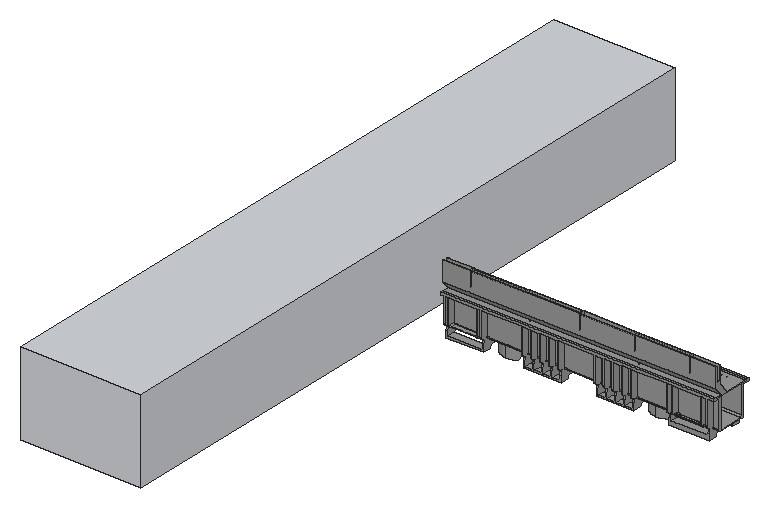
Revit family "PLASTIC CHANNEL BASE DN100 Slot Drain", category Оборудование, Revit 2019
Family settings
  Основа = Грань
  Размер круглого соединителя = Использовать диаметр
  Тип детали = Нормальный
  При загрузке вырезать с полостями = Нет
  Общий = Да
  Точка расчета площади = Нет
Parameters (values of type "Тип 1")
  Adapter [instance] = no
  Slot Drain [instance] = L-type H100 A15-C250 : 2017-1L-100 Galvanized Steel
  Height a Slot Drain (only for 2097-1T-60-100) [instance] = 10 mm
  no = No : No
  Trim size [instance] = 0 mm
  lattice1 [instance] = if(Slot Drain = A10, G10, if(Slot Drain = A11, G11, no))  # No : No
  lattice [instance] = if(Slot Drain = A01, G01, if(Slot Drain = A02, G02, if(Slot Drain = A03, G03, if(Slot Drain = A04, G04, if(Slot Drain = A05, G05, if(Slot Drain = A06, G06, if(Slot Drain = A07, G07, if(Slot Drain = A08, G08, if(Slot Drain = A09, G09, no)))))))))  # Slot Drain L-type H100 Base DN100 Channel A15-C250 : 2017-1L-100
  bias = yes
  Zr [instance] = and(kp = 0 mm, km = 0 mm, Cap right)  # no
  ZNl [instance] = and(np = 0 mm, nm = 0 mm, Cap left, or(Slot Drain = A01, Slot Drain = A02, Slot Drain = A03, Slot Drain = A04, Slot Drain = A05, Slot Drain = A06))  # no
  Zl [instance] = and(np = 0 mm, nm = 0 mm, Cap left)  # no
  ZNr [instance] = and(kp = 0 mm, km = 0 mm, Cap right, or(Slot Drain = A01, Slot Drain = A02, Slot Drain = A03, Slot Drain = A04, Slot Drain = A05, Slot Drain = A06))  # no
  VP [instance] = and(Adapter, not(Cap right), CN = 8020, kp = 0 mm, km = 0 mm)  # no
  R2 = 5 mm
  R1 = 5 mm
  H2 = ADSK_Dimension_Height - 40 mm  # 110 mm
  H1 = if(bias, ADSK_Dimension_Height - 50 mm, ADSK_Dimension_Height - 40 mm)  # 100 mm
  Tray sinking [instance] = if(or(Slot Drain = A01, Slot Drain = A02, Slot Drain = A03, Slot Drain = A04, Slot Drain = A11), 100 mm, if(or(Slot Drain = A05, Slot Drain = A06, Slot Drain = A07, Slot Drain = A08, Slot Drain = A10), 25 mm, if([Height a Slot Drain (only for 2097-1T-60-100)] < 60 mm, 60 mm, if([Height a Slot Drain (only for 2097-1T-60-100)] > 100 mm, 100 mm, [Height a Slot Drain (only for 2097-1T-60-100)]))))  # 100 mm
  G11 = Slot drain L-type H100 for channel Base DN100 plastic A15 : 2087-L-100
  G10 = Slot drain L-type H25 for channel Base DN100 plastic A15 : 2087-L-25
  G09 = Slot Drain T-type H60-100 for Base DN100 Channel A15-C250 : 2097-1T-60-100
  G08 = Slot Drain T-type H25 for Base DN100 Channel A15 : 2097-1T-25-40
  G07 = Slot Drain T-type H25 for Base DN100 Channel A15 : 2017-1T-25-40
  G06 = Slot Drain T-type H25 Base DN100 Channel A15 : 2097-1T-25
  G05 = Slot Drain T-type H25 Base DN100 Channel A15 : 2017-1T-25
  G04 = Slot Drain T-type H100 Base DN100 Channel A15-C250 : 2097-1T-100
  G03 = Slot Drain T-type H100 Base DN100 Channel A15-C250 : 2017-1T-100
  G02 = Slot Drain L-type H100 Base DN100 Channel A15-C250 : 2097-1L-100
  G01 = Slot Drain L-type H100 Base DN100 Channel A15-C250 : 2017-1L-100
  Connector = Plastic end cap with outlet Base DN100 : 6308-1
  Co805050 = Plastic end cap with outlet Base DN100 : 6300608-50
  Co8050 = Plastic end cap with outlet Base DN100 : 6300608
  Co4 = Plastic end cap with outlet Base DN100 : 6308-4
  Co3 = Plastic end cap with outlet Base DN100 : 6308-3
  Co2 = Plastic end cap with outlet Base DN100 : 6308-2
  Co1 = Plastic end cap with outlet Base DN100 : 6308-1
  Cap_begin = if(or(CN = 80080, CN = 8050), Cap8050, if(CN = 8020, Cap8020, if(CN = 8010, Cap8010, if(or(CN = 80090, CN = 80100), Cap1, if(or(CN = 80170, CN = 80180, CN = 80190, CN = 80200), Cap3, Cap2)))))  # Plastic end cap Base DN100 : 630060
  Cap right [instance] = no
  Cap left [instance] = no
  Cap_end = if(CN = 8050, Cap8050, if(CN = 8020, Cap8020, if(CN = 8010, Cap8010, if(or(CN = 80080, CN = 80090), Cap1, if(or(CN = 80160, CN = 80170, CN = 80180, CN = 80190, CN = 80200), Cap3, Cap2)))))  # Plastic end cap Base DN100 : 630-1
  np2 [instance] = 0 mm  # constant formula
  nm2 [instance] = 0 mm  # constant formula
  kp2 [instance] = if(kp > 500 mm, kp - 500 mm, 0 mm)  # 0 mm
  km2 [instance] = if(km > 500 mm, km - 500 mm, 0 mm)  # 0 mm
  V2G [instance] = Trim size < 499 mm  # yes
  Группа модели = "Linear drainage"  # constant formula
  L_line [instance] = 768 mm
  CutUp [instance] = ADSK_Dimension_Height + Tray sinking  # 250 mm
  CutDown [instance] = -CutUp  # -250 mm
  Default Elevation = 0 mm
  np [instance] = if([01. Trim angle] > 0.00°, if([01. Trim angle] < MaxAngle, tan([01. Trim angle]) * ADSK_Dimension_Width, ADSK_Dimension_Width), 0 mm)  # 0 mm
  nm [instance] = if([01. Trim angle] < 0.00°, if([01. Trim angle] > -MaxAngle, -tan([01. Trim angle]) * ADSK_Dimension_Width, ADSK_Dimension_Width), 0 mm)  # 0 mm
  kp [instance] = if(and([02. Trim angle] > 0.00°, Trim size > 694 mm), 0 mm, if([02. Trim angle] > 0.00°, if([02. Trim angle] < MaxAngle, (tan([02. Trim angle]) * ADSK_Dimension_Width), ADSK_Dimension_Width), 0 mm)) + L_trim  # 0 mm
  km [instance] = if([02. Trim angle] < -MaxAngle, ADSK_Dimension_Width, if(or([02. Trim angle] < 0.00°, [02. Trim angle] < -MaxAngle), (-tan([02. Trim angle]) * ADSK_Dimension_Width), 0 mm)) + L_trim  # 0 mm
  W2 = 156 mm  # constant formula
  W1 = 160 mm  # constant formula
  MaxAngle [instance] = 45.00°  # constant formula
  L_trim [instance] = if(ADSK_Dimension_Lenght - ((np + nm) + if([02. Trim angle] > 0.00°, (tan([02. Trim angle]) * ADSK_Dimension_Width), (-tan([02. Trim angle]) * ADSK_Dimension_Width)) + Trim size) > 50 mm, Trim size, ADSK_Dimension_Lenght - ((np + nm) + if([02. Trim angle] > 0.00°, tan([02. Trim angle]) * ADSK_Dimension_Width, (-tan([02. Trim angle]) * ADSK_Dimension_Width)) + 50 mm))  # 0 mm
  CapS_end [instance] = if(Slot Drain = A01, CapS01, if(Slot Drain = A02, CapS05, if(Slot Drain = A03, CapS04, if(Slot Drain = A04, CapS08, if(Slot Drain = A05, CapS03, if(Slot Drain = A06, CapS07, no))))))  # Endcap for Slot Drain Base DN100 : 6167-1L-100-L
  CapS_begin [instance] = if(Slot Drain = A01, CapS02, if(Slot Drain = A02, CapS06, if(Slot Drain = A03, CapS04, if(Slot Drain = A04, CapS08, if(Slot Drain = A05, CapS03, if(Slot Drain = A06, CapS07, no))))))  # Endcap for Slot Drain Base DN100 : 6167-1L-100-R
  CapS08 = Endcap for Slot Drain Base DN100 : 6967-1T-100
  CapS07 = Endcap for Slot Drain Base DN100 : 6967-1T-25
  CapS06 = Endcap for Slot Drain Base DN100 : 6967-1L-100-R
  CapS05 = Endcap for Slot Drain Base DN100 : 6967-1L-100-L
  CapS04 = Endcap for Slot Drain Base DN100 : 6167-1T-100
  CapS03 = Endcap for Slot Drain Base DN100 : 6167-1T-25
  CapS02 = Endcap for Slot Drain Base DN100 : 6167-1L-100-R
  CapS01 = Endcap for Slot Drain Base DN100 : 6167-1L-100-L
  Cap8010 = Plastic end cap Base DN100 : 630080
  Cap3 = Plastic end cap Base DN100 : 630-3
  CN = 80080
  Cap8050 = Plastic end cap Base DN100 : 630060
  Cap8020 = Plastic end cap Base DN100 : 630120
  Cap2 = Plastic end cap Base DN100 : 630-2
  Cap1 = Plastic end cap Base DN100 : 630-1
  ADSK_Weight = 0
  ADSK_Unit = "pcs"  # constant formula
  ADSK_Sealant = 0
  ADSK_Product code = ""
  ADSK_Position [instance] = ""
  ADSK_Name = ""
  ADSK_Material_Name = "Plastic"  # constant formula
  ADSK_Manufacturer = "Vodaland"  # constant formula
  ADSK_Load class = "C250"  # constant formula
  ADSK_Dimension_Width = 160 mm  # constant formula
  ADSK_Dimension_Lenght = 1000 mm
  ADSK_Dimension_Height = 150 mm
  ADSK_Dimension_Diameter = 110 mm
  ADSK_Annotation [instance] = ""
  A11 = L-type H100 A15 : 2087-L-100 Plastic
  A10 = L-type H25 A15 : 2087-L-25 Plastic
  A09 = T-type H60-100 A15-C250 : 2097-1T-60-100 Stainless steel
  A08 = T-type H25 shifted A15 : 2097-1T-25-40 Stainless steel
  A07 = T-type H25 shifted A15 : 2017-1T-25-40 Galvanized Steel
  A06 = T-type H25 A15 : 2097-1T-25 Stainless steel
  A05 = T-type H25 A15 : 2017-1T-25 Galvanized Steel
  A04 = T-type H100 A15-C250 : 2097-1T-100 Stainless steel
  A03 = T-type H100 A15-C250 : 2017-1T-100 Galvanized Steel
  A02 = L-type H100 A15-C250 : 2097-1L-100 Stainless steel
  A01 = L-type H100 A15-C250 : 2017-1L-100 Galvanized Steel
  02. Trim angle [instance] = 0.00°
  01. Trim angle [instance] = 0.00°
Reference planes
  plane 1 "По центру (Вперед/Назад)": y = 0
  plane 2: z = 0
  plane 3 "По центру (Влево/Вправо)": x = 0
  plane 4: x = 1000
  plane 5: x = 750
  plane 6: x = 250
  plane 7: y = 80
  plane 8: y = -80
  plane 9: x = 500
  plane 10: z = -100
  plane 11 "Down": z = -250
Forms (mm)
  Extrusion 1, solid
    sketch origin (0, 0, 0) x (1, 0, 0) y (0, 1, 0)
      loop
        line (-625.035, 1219.2) -> (-625.035, -1219.2) -> (-183.532, -1219.2) -> (-183.532, 1219.2) -> (-625.035, 1219.2)
    from 0 to -304.8
  Extrusion 2, void
    sketch origin (0, 0, 0) x (1, 0, 0) y (0, 1, 0)
      loop
        line (0, 80) -> (0, -80) -> (1000, -80) -> (1000, 80) -> (0, 80)
    from 0 to -250 <- "CutDown"
Lines and regions (mm)
  reference lines
    curve 1: line (768, 0, 0) -> (768, 0, -250)
Dimensions and locks
  equal spacing: plane 7, plane 1 "По центру (Вперед/Назад)", plane 8
  "ADSK_Dimension_Width": plane 7 to plane 8
  "ADSK_Dimension_Lenght": plane 3 "По центру (Влево/Вправо)" to plane 4
  equal spacing: plane 3 "По центру (Влево/Вправо)", plane 9, plane 4
  equal spacing: plane 9, plane 5, plane 4
  equal spacing: plane 3 "По центру (Влево/Вправо)", plane 6, plane 9
  "km": Extrusion 2 sketch curve to plane 4
  "np": plane 3 "По центру (Влево/Вправо)" to Extrusion 2 sketch curve
  "nm": plane 3 "По центру (Влево/Вправо)" to Extrusion 2 sketch curve
  "kp": Extrusion 2 sketch curve to plane 4
  "Tray sinking": plane 2 to plane 10
  "CutUp": plane 2 to plane 11 "Down"
  "L_line": curve 1 to plane 3 "По центру (Влево/Вправо)"
  aligned and locked: plane 2 to Extrusion 1
  aligned and locked: level to Extrusion 1
  aligned and locked: Extrusion 2 sketch curve to plane 7
  aligned and locked: plane 8 to Extrusion 2 sketch curve
  aligned and locked: plane 10 to nested 3
  aligned and locked: plane 10 to nested 5
  aligned and locked: plane 4 to nested 5
  aligned and locked: plane 3 "По центру (Влево/Вправо)" to nested 3
  aligned and locked: plane 2 to curve 1
  aligned and locked: plane 11 "Down" to curve 1
  aligned and locked: plane 1 "По центру (Вперед/Назад)" to nested 6
  aligned and locked: plane 4 to nested 6
  aligned and locked: plane 10 to nested 2
  aligned and locked: plane 10 to nested 6
  aligned and locked: plane 9 to nested 7
  aligned and locked: plane 1 "По центру (Вперед/Назад)" to nested 7
  aligned and locked: plane 1 "По центру (Вперед/Назад)" to nested 9
  aligned and locked: nested 10 to plane 1 "По центру (Вперед/Назад)"
Automatic sketch dimensions
  Extrusion 1 sketch curve to Extrusion 1 sketch curve = 441.503 mm
  Extrusion 1 sketch curve to Extrusion 1 sketch curve = 2438.4 mm
Nested families
  nested 1: "No" at (500, 0, 0), kp <- "kp", nm <- "nm", np <- "np", km <- "km", type "No"
    with Видимість решітки праворуч yes, Видимість решітки ліворуч yes, np 0 mm, nm 0 mm, kp 0 mm, km 0 mm, W1 0 mm, H 0 mm
  nested 2: "Plastic channel Base DN100" at (500, 0, -100), km <- "km", kp <- "kp", nm <- "nm", np <- "np", H <- "ADSK_Dimension_Height", H1 <- "H1", H2 <- "H2", R1 <- "R1", R2 <- "R2", type "channel"
    with np 0 mm, nm 0 mm, kp 0 mm, km 0 mm, R2_2 10 mm, R2 5 mm, R1_2 10 mm, R1 5 mm, H2 110 mm, H1 100 mm, H 150 mm
  nested 3: "Plastic end cap Base DN100" at (-2.5, 0, -100), visible <- "Zl", H <- "ADSK_Dimension_Height", type <- "Cap_begin", type "630060"
    with H 150 mm
  nested 4: "Sealant" at (-40, 540, 0), Sealant <- "ADSK_Sealant", type "Sealant"
  nested 5: "Plastic end cap Base DN100" at (997.5, 0, -100), visible <- "Zr", H <- "ADSK_Dimension_Height", type <- "Cap_end", type "630-1"
    with H 150 mm
  nested 6: "Plastic end cap-adapter Base DN100" at (997.5, 0, -100), visible <- "VP", type "6307.4"
    with H 120 mm
  nested 7: "Slot Drain L-type H100 Base DN100 Channel A15-C250" at (500, 0, 0), type <- "lattice", km <- "km", kp <- "kp", nm <- "nm", np <- "np", ADSK_Dimension_Height <- "Tray sinking", type "2017-1L-100"
    with np 0 mm, nm 0 mm, kp 0 mm, km 0 mm, H 105 mm, ADSK_Position "", ADSK_Dimension_Height 100 mm, ADSK_Annotation ""
  nested 8: "No" at (750, 0, 0), type <- "lattice1", km <- "km", kp <- "kp", nm <- "nm2", np <- "np2", visible <- "V2G", ADSK_Розмір_Висота <- "Tray sinking", type "No"
    with Видимість решітки праворуч yes, Видимість решітки ліворуч yes, np 0 mm, nm 0 mm, kp 0 mm, km 0 mm, W1 0 mm, H 0 mm, ADSK_Розмір_Висота 100 mm
  nested 9: "Endcap for Slot Drain Base DN100" at (1000, 0, 0), type <- "CapS_end", visible <- "ZNr", type "6167-1L-100-L"
  nested 10: "Endcap for Slot Drain Base DN100" at (0, 0, 0) x (-1, 0, 0) z (0, 0, 1), type <- "CapS_begin", visible <- "ZNl", type "6167-1L-100-R"
  nested 11: "No" at (250, 0, 0), type <- "lattice1", km <- "km2", kp <- "kp2", nm <- "nm", np <- "np", ADSK_Розмір_Висота <- "Tray sinking", type "No"
    with Видимість решітки праворуч yes, Видимість решітки ліворуч yes, np 0 mm, nm 0 mm, kp 0 mm, km 0 mm, W1 0 mm, H 0 mm, ADSK_Розмір_Висота 100 mm
Definition of nested family "Plastic channel Base DN100"
  Parameters (values of type "Лоток")
    np [instance] = 0 mm
    nm [instance] = 0 mm
    kp [instance] = 0 mm
    km [instance] = 0 mm
    US = no
    S = 156 mm  # constant formula
    Rl = 5 mm  # constant formula
    R2_2 [instance] = R2 + 5 mm  # 30 mm
    R2 [instance] = 25 mm
    R1_2 [instance] = R1 + 5 mm  # 30 mm
    R1 [instance] = 25 mm
    Material2 = none
    Material = none
    L = 1000 mm  # constant formula
    Hпос = 5 mm  # constant formula
    H2 [instance] = 110 mm
    H1 [instance] = 100 mm
    H [instance] = 140 mm
    DN = 100 mm  # constant formula
  Reference planes
    plane 1 "По центру (Вперед/Назад)": y = 0
    plane 2 "Up": z = 0
    plane 3 "По центру (Влево/Вправо)": x = 0
    plane 4 "Л": x = -500
    plane 5 "П": x = 500
    plane 6 "Down": z = -140
    plane 7: y = -78
    plane 8: y = 78
    plane 9: z = -5
    plane 10: y = -50
    plane 11: y = 50
    plane 12: z = -105
    plane 13: z = -115
    plane 14: y = 68
    plane 15: y = -68
    plane 16: x = -420
    plane 17: x = 400
    plane 18: z = -10
  Forms (mm)
    Blend 1, solid, material <- "Material", detail levels medium+fine
      base sketch origin (-500, 0, 0) x (0, 1, 0) y (0, 0, 1)
        loop
          line (78, 0) -> (69, 0) -> (69, -5) -> (1.659, -5) -> (-69, -5) -> (-69, 0) -> (-78, 0) -> (-78, -10) -> (-55, -10) -> (-55, -83)
          arc (-55, -83) -> (-47.678, -100.678) -> (-30, -108) r 25
          line (-30, -108) -> (0, -108) -> (30, -108)
          arc (30, -108) -> (47.678, -100.678) -> (55, -83) r 25
          line (55, -83) -> (55, -10) -> (78, -10) -> (78, 0)
      top sketch origin (-500, 0, 0) x (0, 1, 0) y (0, 0, 1)
        loop
          line (78, 0) -> (69, 0) -> (69, -5) -> (2.575, -5) -> (-69, -5) -> (-69, 0) -> (-78, 0) -> (-78, -10) -> (-55, -10) -> (-55, -93)
          arc (-55, -93) -> (-47.678, -110.678) -> (-30, -118) r 25
          line (-30, -118) -> (0.622, -118) -> (30, -118)
          arc (30, -118) -> (47.678, -110.678) -> (55, -93) r 25
          line (55, -93) -> (55, -10) -> (78, -10) -> (78, 0)
      from 0 to 1000 <- "L"
    Extrusion 2, solid, material <- "Material", detail levels medium+fine
      sketch origin (0, 0, -140) x (0, -1, 0) y (1, 0, 0)
        loop
          line (-78, -488) -> (78, -488) -> (78, -350.5) -> (-78, -350.5) -> (-78, -488)
        loop
          line (-78, -205.052) -> (78, -205.052) -> (78, -67.052) -> (-78, -67.052) -> (-78, -205.052)
        loop
          line (78, 199) -> (-78, 199) -> (-78, 61) -> (78, 61) -> (78, 199)
        loop
          line (-78, 327) -> (78, 327) -> (78, 475) -> (-78, 475) -> (-78, 327)
      from 0 to 135
    Blend 3, void, detail levels medium+fine
      base sketch origin (-500, 0, 0) x (0, 1, 0) y (0, 0, 1)
        loop
          line (50, -5) -> (-50, -5) -> (-50, -80)
          arc (-50, -80) -> (-42.678, -97.678) -> (-25, -105) r 25
          line (-25, -105) -> (25, -105)
          arc (25, -105) -> (42.678, -97.678) -> (50, -80) r 25
          line (50, -80) -> (50, -5)
      top sketch origin (-500, 0, 0) x (0, 1, 0) y (0, 0, 1)
        loop
          line (50, -5) -> (-50, -5) -> (-50, -90)
          arc (-50, -90) -> (-42.678, -107.678) -> (-25, -115) r 25
          line (-25, -115) -> (25, -115)
          arc (25, -115) -> (42.678, -107.678) -> (50, -90) r 25
          line (50, -90) -> (50, -5)
      from 0 to 1000
    Extrusion 4, void
      sketch origin (-500, 0, 0) x (0, 1, 0) y (0, 0, 1)
        loop
          arc (-68, -126.785) -> (-65.149, -114.132) -> (-74.36, -105) r 13.388
          arc (-74.36, -105) -> (-76.987, -103.205) -> (-78, -100.188) r 5
          line (-78, -100.188) -> (-78, 0) -> (-100.643, 0) -> (-100.643, -140) -> (-68, -140) -> (-68, -126.785)
        loop
          line (68, -126.785) -> (68, -140) -> (100.643, -140) -> (100.643, 0) -> (78, 0) -> (78, -100.188)
          arc (78, -100.188) -> (76.987, -103.205) -> (74.36, -105) r 5
          arc (74.36, -105) -> (65.149, -114.132) -> (68, -126.785) r 13.388
        loop
          arc (-30, -128) -> (-37.071, -130.929) -> (-40, -138) r 10
          line (-40, -138) -> (-40, -140) -> (40, -140) -> (40, -138)
          arc (40, -138) -> (37.071, -130.929) -> (30, -128) r 10
          line (30, -128) -> (-30, -128)
      from 0 to 1000 <- "L"
    Extrusion 5, solid, material <- "Material", detail levels medium+fine
      sketch origin (0, 0, -140) x (0, -1, 0) y (1, 0, 0)
        loop
          circle (0, -280) r 54.25
        loop
          circle (0, 267.5) r 54.25
      from 0 to 135
    Extrusion 6, void
      sketch origin (0, 0, -140) x (0, -1, 0) y (1, 0, 0)
        loop
          line (-78, 500) -> (78, 500) -> (78, 515) -> (-78, 515) -> (-78, 500)
      from -50 to 140
    Extrusion 7, void
      sketch origin (0, 0, -140) x (0, -1, 0) y (1, 0, 0)
        loop
          line (-78, -510) -> (78, -510) -> (78, -500) -> (-78, -500) -> (-78, -510)
      from -50 to 140
    Extrusion 8, void
      sketch origin (0, 0, 0) x (1, 0, 0) y (0, 0, 1)
        loop
          line (-199.693, -10) -> (-199.693, -135) -> (-172.193, -135) -> (-172.193, -10) -> (-199.693, -10)
        loop
          line (-166.693, -10) -> (-166.693, -135) -> (-139.193, -135) -> (-139.193, -10) -> (-166.693, -10)
        loop
          line (-133.693, -10) -> (-133.693, -135) -> (-106.193, -135) -> (-106.193, -10) -> (-133.693, -10)
        loop
          line (-100.693, -10) -> (-100.693, -135) -> (-73.193, -135) -> (-73.193, -10) -> (-100.693, -10)
        loop
          line (332, -134.014) -> (469.5, -134.014) -> (469.5, -10) -> (455.117, -10) -> (455.117, -85)
          arc (455.117, -85) -> (446.331, -106.213) -> (425.117, -115) r 30
          line (425.117, -115) -> (375, -115)
          arc (375, -115) -> (353.787, -106.213) -> (345, -85) r 30
          line (345, -85) -> (345, -10) -> (332, -10) -> (332, -134.014)
        loop
          line (193.302, -10) -> (165.802, -10) -> (165.802, -135) -> (193.302, -135) -> (193.302, -10)
        loop
          line (160.302, -10) -> (132.802, -10) -> (132.802, -135) -> (160.302, -135) -> (160.302, -10)
        loop
          line (127.302, -10) -> (99.802, -10) -> (99.802, -135) -> (127.302, -135) -> (127.302, -10)
        loop
          line (94.302, -10) -> (66.802, -10) -> (66.802, -135) -> (94.302, -135) -> (94.302, -10)
        loop
          line (-470, -10) -> (-470, -80)
          arc (-470, -80) -> (-462.678, -97.678) -> (-445, -105) r 25
          line (-445, -105) -> (-395, -105)
          arc (-395, -105) -> (-377.322, -97.678) -> (-370, -80) r 25
          line (-370, -80) -> (-370, -10) -> (-470, -10)
        loop
          line (-482.625, -134.014) -> (-355.5, -134.014) -> (-355.5, -10) -> (-365, -10) -> (-365, -80)
          arc (-365, -80) -> (-373.787, -101.213) -> (-395, -110) r 30
          line (-395, -110) -> (-445, -110)
          arc (-445, -110) -> (-466.213, -101.213) -> (-475, -80) r 30
          line (-475, -80) -> (-475, -10) -> (-482.625, -10) -> (-482.625, -134.014)
        loop
          line (350, -10) -> (350, -85.014)
          arc (350, -85.014) -> (357.322, -102.691) -> (375, -110.014) r 25
          line (375, -110.014) -> (425, -110.014)
          arc (425, -110.014) -> (442.678, -102.691) -> (450, -85.014) r 25
          line (450, -85.014) -> (450, -10) -> (350, -10)
      from -250 to 250
    Extrusion 9, solid, material <- "Material2", visible <- "US", detail levels medium+fine
      sketch origin (-500, 0, 0) x (0, 1, 0) y (0, 0, 1)
        loop
          line (-69, -5) -> (-50, -5) -> (-50, -10) -> (-49, -10) -> (-49, -4) -> (-68, -4) -> (-68, 0) -> (-69, 0) -> (-69, -5)
        loop
          line (69, -5) -> (69, 0) -> (68, 0) -> (68, -4) -> (49, -4) -> (49, -10) -> (50, -10) -> (50, -5) -> (69, -5)
      from 0 to 1000
    Extrusion 10, solid, detail levels coarse
      sketch origin (0, 0, -140) x (0, -1, 0) y (1, 0, 0)
        loop
          line (-78, -500) -> (78, -500) -> (78, 500) -> (-78, 500) -> (-78, -500)
      from 0 to 140
  Cuts and joins
    Blend 3, Extrusion 4, Extrusion 6, Extrusion 7 cuts Blend 1
    Blend 3, Extrusion 4, Extrusion 6, Extrusion 7, Extrusion 8 cuts Extrusion 2
    Blend 3, Extrusion 4, Extrusion 6, Extrusion 7 cuts Extrusion 5
    joined: Blend 1, Extrusion 2, Extrusion 5
    Extrusion 6, Extrusion 7 cuts Extrusion 9
    Extrusion 6, Extrusion 7 cuts Extrusion 10
  Lines and regions (mm)
    reference lines
      curve 1: line (500, -78, -140) -> (500, 78, -140)
      curve 2: line (-500, -78, -140) -> (-500, 78, -140)
  Dimensions and locks
    equal spacing: plane 4 "Л", plane 3 "По центру (Влево/Вправо)", plane 5 "П"
    "L": plane 4 "Л" to plane 5 "П"
    locked: Blend 1 sketch curve to Blend 1 sketch curve at 9  (x2)
    Blend 1 sketch curve to Blend 1 sketch curve = 9 mm  (x2)
    "S": plane 7 to plane 8
    equal spacing: plane 7, plane 1 "По центру (Вперед/Назад)", plane 8
    "Hпос": plane 2 "Up" to plane 9
    "DN": plane 10 to plane 11
    equal spacing: plane 10, plane 1 "По центру (Вперед/Назад)", plane 11
    "H2": plane 9 to plane 13
    "H1": plane 9 to plane 12
    plane 12 to Blend 1 sketch curve = 3 mm
    plane 13 to Blend 1 sketch curve = 3 mm
    locked: Extrusion 2 sketch curve to Extrusion 2 sketch curve at 137.5
    Extrusion 2 sketch curve to Extrusion 2 sketch curve = 148 mm
    Extrusion 2 sketch curve to Extrusion 2 sketch curve = 138 mm  (x2)
    equal spacing: plane 14, plane 1 "По центру (Вперед/Назад)", plane 15
    locked: plane 14 to plane 15 at 136
    Blend 1 sketch curve to plane 10 = 5 mm  (x2)
    plane 11 to Blend 1 sketch curve = 5 mm  (x2)
    Extrusion 2 sketch curve to plane 4 "Л" = 12 mm
    Extrusion 4 sketch curve to plane 11 = 10 mm
    plane 10 to Extrusion 4 sketch curve = 10 mm
    plane 4 "Л" to Extrusion 5 sketch curve = 220 mm
    Extrusion 5 sketch curve to plane 5 "П" = 232.5 mm
    "kp": curve 1 to plane 5 "П"
    "km": curve 1 to plane 5 "П"
    "np": plane 4 "Л" to curve 2
    "nm": plane 4 "Л" to curve 2
    locked: plane 5 "П" to Extrusion 6 sketch curve at 15
    locked: Extrusion 7 sketch curve to plane 4 "Л" at 10
    locked: plane 16 to plane 4 "Л" at 80
    locked: plane 5 "П" to plane 17 at 100
    equal spacing: Extrusion 8 sketch curve, plane 16, Extrusion 8 sketch curve
    "DN": Extrusion 8 sketch curve to Extrusion 8 sketch curve  (x2)
    plane 12 to Extrusion 8 sketch curve = 5 mm
    equal spacing: Extrusion 8 sketch curve, plane 17, Extrusion 8 sketch curve
    Extrusion 8 sketch curve to Extrusion 8 sketch curve = 5.117 mm
    locked: plane 9 to plane 18 at 5
    locked: cut or joined group of Blend 1, Extrusion 2, Blend 3, Extrusion 4, Extrusion 5, Extrusion 6, Extrusion 7, Extrusion 8 to Extrusion 8 sketch curve at 5
    cut or joined group of Blend 1, Extrusion 2, Blend 3, Extrusion 4, Extrusion 5, Extrusion 6, Extrusion 7, Extrusion 8 to Extrusion 8 sketch curve = 5 mm
    locked: cut or joined group of Blend 1, Extrusion 2, Blend 3, Extrusion 4, Extrusion 5, Extrusion 6, Extrusion 7, Extrusion 8 to cut or joined group of Blend 1, Extrusion 2, Blend 3, Extrusion 4, Extrusion 5, Extrusion 6, Extrusion 7, Extrusion 8 at 19.014
    locked: cut or joined group of Blend 1, Extrusion 2, Blend 3, Extrusion 4, Extrusion 5, Extrusion 6, Extrusion 7, Extrusion 8 to cut or joined group of Blend 1, Extrusion 2, Blend 3, Extrusion 4, Extrusion 5, Extrusion 6, Extrusion 7, Extrusion 8 at 4.986
    "H": plane 2 "Up" to plane 6 "Down"
    "R1": radius of Blend 3 sketch curve  (x2)
    "R2": radius of Blend 3 sketch curve  (x2)
    "R2": radius of Blend 1 sketch curve  (x2)
    "R1": radius of Blend 1 sketch curve  (x2)
    diameter of Extrusion 5 sketch curve = 108.5 mm  (x2)
    "Rl": radius of Extrusion 4 sketch curve  (x2)
    "R1": radius of Extrusion 8 sketch curve  (x2)
    "R1_2": radius of Extrusion 8 sketch curve  (x2)
    "R2": radius of Extrusion 8 sketch curve  (x2)
    "R2_2": radius of Extrusion 8 sketch curve  (x2)
    aligned and locked: level to plane 2 "Up"
    aligned and locked: Blend 1 sketch curve to level
    aligned and locked: Blend 1 sketch curve to plane 2 "Up"
    aligned and locked: plane 2 "Up" to Blend 1 sketch curve
    aligned and locked: Blend 1 sketch curve to plane 8
    aligned and locked: Blend 1 sketch curve to plane 7
    aligned and locked: plane 7 to Blend 1 sketch curve
    aligned and locked: plane 8 to Blend 1 sketch curve
    aligned and locked: Blend 1 sketch curve to plane 9  (x2)
    aligned and locked: plane 9 to Blend 1 sketch curve
    aligned and locked: plane 9 to Extrusion 2
    aligned and locked: Blend 3 sketch curve to plane 11  (x2)
    aligned and locked: Blend 3 sketch curve to plane 10  (x2)
    aligned and locked: Blend 3 sketch curve to plane 9  (x2)
    aligned and locked: plane 12 to Blend 3 sketch curve
    aligned and locked: plane 13 to Blend 3 sketch curve
    aligned and locked: Extrusion 2 sketch curve to plane 8  (x4)
    aligned and locked: plane 7 to Extrusion 2 sketch curve  (x4)
    aligned and locked: Extrusion 4 sketch curve to plane 15
    aligned and locked: Extrusion 4 sketch curve to plane 14
    aligned and locked: Extrusion 4 sketch curve to plane 6 "Down"
    aligned and locked: plane 6 "Down" to Extrusion 4 sketch curve  (x2)
    aligned and locked: plane 9 to Extrusion 5
    aligned and locked: Extrusion 4 sketch curve to plane 2 "Up"
    aligned and locked: plane 2 "Up" to Extrusion 4 sketch curve
    aligned and locked: Extrusion 4 sketch curve to plane 7
    aligned and locked: Extrusion 4 sketch curve to plane 8
    aligned and locked: Extrusion 6 sketch curve to curve 1
    aligned and locked: Extrusion 6 sketch curve to plane 8
    aligned and locked: plane 7 to Extrusion 6 sketch curve
    aligned and locked: Extrusion 7 sketch curve to curve 2
    aligned and locked: Extrusion 7 sketch curve to plane 8
    aligned and locked: plane 7 to Extrusion 7 sketch curve
    aligned and locked: plane 2 "Up" to Extrusion 6
    aligned and locked: plane 2 "Up" to Extrusion 7
    aligned and locked: Extrusion 8 sketch curve to plane 18  (x2)
    aligned and locked: plane 18 to Extrusion 8 sketch curve  (x4)
    aligned and locked: plane 13 to Extrusion 8 sketch curve
    aligned and locked: Blend 1 sketch curve to plane 18  (x2)
    aligned and locked: plane 18 to Blend 1 sketch curve  (x2)
    aligned and locked: Extrusion 10 sketch curve to plane 5 "П"
    aligned and locked: plane 4 "Л" to Extrusion 10 sketch curve
    aligned and locked: Extrusion 10 sketch curve to plane 8
    aligned and locked: plane 7 to Extrusion 10 sketch curve
    aligned and locked: Extrusion 10 to plane 6 "Down"
    aligned and locked: plane 2 "Up" to Extrusion 10
  Automatic sketch dimensions
    Extrusion 2 sketch curve to Extrusion 2 sketch curve = 145.448 mm
    plane 3 "По центру (Влево/Вправо)" to Extrusion 2 sketch curve = 61 mm
    Extrusion 2 sketch curve to plane 5 "П" = 25 mm
    plane 1 "По центру (Вперед/Назад)" to Extrusion 5 sketch curve = 0 mm  (x2)
    Extrusion 9 sketch curve to level = 0 mm  (x2)
    Extrusion 9 sketch curve to plane 9 = 0 mm  (x2)
    Extrusion 9 sketch curve to plane 15 = 0 mm
    Extrusion 9 sketch curve to plane 10 = 0 mm
    Extrusion 9 sketch curve to plane 11 = 0 mm
    Extrusion 9 sketch curve to plane 14 = 0 mm
    Extrusion 9 sketch curve to plane 15 = 1 mm
    Extrusion 9 sketch curve to plane 10 = 1 mm
    Extrusion 9 sketch curve to Extrusion 9 sketch curve = 1 mm
    plane 14 to Extrusion 9 sketch curve = 1 mm
    Extrusion 9 sketch curve to plane 9 = 5 mm  (x2)
    plane 9 to Extrusion 9 sketch curve = 1 mm  (x2)
    Blend 1 sketch curve to plane 1 "По центру (Вперед/Назад)" = 0 mm
    Blend 1 sketch curve to level = 0 mm
    Blend 1 sketch curve to plane 1 "По центру (Вперед/Назад)" = 1.659 mm
    Blend 1 sketch curve to plane 1 "По центру (Вперед/Назад)" = 0.622 mm
    Blend 1 sketch curve to plane 1 "По центру (Вперед/Назад)" = 2.575 mm
    Extrusion 4 sketch curve to plane 7 = 0 mm
    Extrusion 4 sketch curve to plane 12 = 0 mm  (x4)
    Extrusion 4 sketch curve to plane 8 = 0 mm
    Extrusion 4 sketch curve to plane 7 = 22.643 mm
    plane 6 "Down" to Extrusion 4 sketch curve = 2 mm  (x2)
    Extrusion 4 sketch curve to Extrusion 4 sketch curve = 10 mm
    plane 8 to Extrusion 4 sketch curve = 22.643 mm
    Extrusion 4 sketch curve to plane 13 = 11.785 mm  (x2)
    curve 1 to plane 8 = 0 mm
    curve 2 to plane 8 = 0 mm
    curve 2 to plane 7 = 0 mm
    curve 1 to plane 7 = 0 mm
    Extrusion 8 sketch curve to Extrusion 8 sketch curve = 0 mm  (x3)
    Extrusion 8 sketch curve to plane 18 = 0 mm  (x8)
    plane 6 "Down" to Extrusion 8 sketch curve = 5.986 mm  (x2)
    plane 4 "Л" to Extrusion 8 sketch curve = 17.375 mm
    plane 6 "Down" to Extrusion 8 sketch curve = 5 mm  (x8)
    Extrusion 8 sketch curve to Extrusion 8 sketch curve = 155.807 mm
    Extrusion 8 sketch curve to Extrusion 8 sketch curve = 27.5 mm  (x8)
    Extrusion 8 sketch curve to Extrusion 8 sketch curve = 5.5 mm  (x6)
    plane 3 "По центру (Влево/Вправо)" to Extrusion 8 sketch curve = 66.802 mm
    Extrusion 8 sketch curve to Extrusion 8 sketch curve = 5 mm
    Extrusion 8 sketch curve to Extrusion 8 sketch curve = 14.383 mm
    Extrusion 8 sketch curve to Extrusion 8 sketch curve = 4.986 mm
Definition of nested family "Plastic end cap Base DN100"
  Parameters (values of type "630-3")
    Model = "Linear drainage"  # constant formula
    S = 156 mm  # constant formula
    R1 = 49 mm
    Material = none
    L = 5 mm  # constant formula
    Hпос = 5 mm
    H [instance] = 110 mm
    DN = 100 mm  # constant formula
    ADSK_Weight = 0.05  # constant formula
    ADSK_Unit = "pcs"  # constant formula
    ADSK_Product code = "630-3"
    ADSK_Position [instance] = ""
    ADSK_Name = "Plastic end cap for slope 9-14 and standard H200 plastic channel Base DN100"
    ADSK_Material_Name = "Plastic"  # constant formula
    ADSK_Manufacturer = "Vodaland"  # constant formula
    ADSK_Annotation [instance] = ""
  Types (6, lengths in mm): name | R1 | H | ADSK_Product code | ADSK_Name
    630120 | 49 | 110 | "630120" | "Plastic end cap for plastic channel Base DN100 H120"
    630060 | 5 | 100 | "630060" | "Plastic end cap for plastic channel Base DN100 H60"
    630-1 | 25 | 100 | "630-1" | "Plastic end cap for slope 1-3 plastic channel Base DN100"
    630-2 | 49 | 110 | "630-2" | "Plastic end cap for slope 3-9 and standard H100, H150 plastic channel Base DN100"
    630080 | 5 | 100 | "630080" | "Plastic end cap for plastic channel Base DN100 H80"
    630-3 | 49 | 110 | "630-3" | "Plastic end cap for slope 9-14 and standard H200 plastic channel Base DN100"
  Reference planes
    plane 1 "По центру (Вперед/Назад)": y = 0
    plane 2: z = 0
    plane 3 "По центру (Влево/Вправо)": x = 0
    plane 4 "Л": x = 2.5
    plane 5 "П": x = 5
    plane 6: y = -78
    plane 7: y = 78
    plane 8: z = -110
    plane 9: z = -20
    plane 10: z = -85
  Forms (mm)
    Extrusion 1, solid, material <- "Material", detail levels medium+fine
      sketch origin (2.5, 0, 0) x (0, 1, 0) y (0, 0, 1)
        loop
          line (-78, 0) -> (-78, -20) -> (-55, -20) -> (-55, -36)
          arc (-55, -36) -> (-40.648, -70.648) -> (-6, -85) r 49
          line (-6, -85) -> (6, -85)
          arc (6, -85) -> (40.648, -70.648) -> (55, -36) r 49
          line (55, -36) -> (55, -20) -> (78, -20) -> (78, 0) -> (-78, 0)
      from -2.5 to 2.5
  Dimensions and locks
    equal spacing: plane 3 "По центру (Влево/Вправо)", plane 4 "Л", plane 5 "П"
    "S": plane 6 to plane 7
    equal spacing: plane 6, plane 1 "По центру (Вперед/Назад)", plane 7
    locked: Extrusion 1 sketch curve to Extrusion 1 sketch curve at 23
    locked: Extrusion 1 sketch curve to plane 7 at 23
    "L": plane 3 "По центру (Влево/Вправо)" to plane 5 "П"
    "H": plane 2 to plane 8
    locked: plane 2 to plane 9 at 20
    locked: plane 10 to plane 8 at 25
    "R1": radius of Extrusion 1 sketch curve  (x2)
    aligned and locked: level to plane 2
    aligned and locked: Extrusion 1 sketch curve to plane 6
    aligned and locked: Extrusion 1 sketch curve to plane 7
    aligned and locked: Extrusion 1 sketch curve to plane 2
    aligned and locked: Extrusion 1 sketch curve to plane 9
    aligned and locked: plane 9 to Extrusion 1 sketch curve
    aligned and locked: Extrusion 1 to plane 3 "По центру (Влево/Вправо)"
    aligned and locked: plane 5 "П" to Extrusion 1
    aligned and locked: Extrusion 1 sketch curve to plane 10
Definition of nested family "Plastic end cap-adapter Base DN100"
  Parameters (values of type "6307.4")
    Model = "Linear drainage"  # constant formula
    S = 113 mm  # constant formula
    R2 = R1 + 5 mm  # 54 mm
    R1 = 49 mm
    Material = none
    L = 5 mm  # constant formula
    Hпос = 5 mm
    H [instance] = 120 mm
    DN = 100 mm  # constant formula
    ADSK_Weight = 0.015
    ADSK_Unit = "pcs"  # constant formula
    ADSK_Product code = "6307.4"
    ADSK_Position [instance] = ""
    ADSK_Name = "Plastic end cap-adapter for cascade of plastic channel Base DN100 H120-H150"
    ADSK_Material_Name = "Plastic"  # constant formula
    ADSK_Manufacturer = "Vodaland"  # constant formula
    ADSK_Annotation [instance] = ""
  Reference planes
    plane 1 "По центру (Вперед/Назад)": y = 0
    plane 2: z = 0
    plane 3 "По центру (Влево/Вправо)": x = 0
    plane 4 "Л": x = 2.5
    plane 5 "П": x = 5
    plane 6: y = -56.5
    plane 7: y = 56.5
    plane 8: z = -135
    plane 9: z = -45
    plane 10: z = -102
  Forms (mm)
    Extrusion 1, solid, material <- "Material", detail levels medium+fine
      sketch origin (2.5, 0, 0) x (0, 1, 0) y (0, 0, 1)
        loop
          line (-56.5, -45) -> (-56.5, -81)
          arc (-56.5, -81) -> (-40.684, -119.184) -> (-2.5, -135) r 54
          line (-2.5, -135) -> (0, -135) -> (2.5, -135)
          arc (2.5, -135) -> (40.684, -119.184) -> (56.5, -81) r 54
          line (56.5, -81) -> (56.5, -45) -> (52.3, -45) -> (52.3, -53)
          arc (52.3, -53) -> (37.948, -87.648) -> (3.3, -102) r 49
          line (3.3, -102) -> (-3.3, -102)
          arc (-3.3, -102) -> (-37.948, -87.648) -> (-52.3, -53) r 49
          line (-52.3, -53) -> (-52.3, -45) -> (-56.5, -45)
      from -2.5 to 2.5
  Dimensions and locks
    equal spacing: plane 3 "По центру (Влево/Вправо)", plane 4 "Л", plane 5 "П"
    "S": plane 6 to plane 7
    equal spacing: plane 6, plane 1 "По центру (Вперед/Назад)", plane 7
    "L": plane 3 "По центру (Влево/Вправо)" to plane 5 "П"
    locked: plane 10 to plane 8 at 33
    locked: plane 9 to plane 8 at 90
    plane 2 to plane 9 = 45 mm
    "R1": radius of Extrusion 1 sketch curve  (x2)
    "R2": radius of Extrusion 1 sketch curve  (x2)
    aligned and locked: level to plane 2
    aligned and locked: Extrusion 1 sketch curve to plane 9
    aligned and locked: plane 9 to Extrusion 1 sketch curve
    aligned and locked: Extrusion 1 to plane 3 "По центру (Влево/Вправо)"
    aligned and locked: plane 5 "П" to Extrusion 1
    aligned and locked: Extrusion 1 sketch curve to plane 10
    aligned and locked: Extrusion 1 sketch curve to plane 6
    aligned and locked: Extrusion 1 sketch curve to plane 7
  Automatic sketch dimensions
    Extrusion 1 sketch curve to plane 9 = 0 mm
    Extrusion 1 sketch curve to plane 1 "По центру (Вперед/Назад)" = 0 mm
    Extrusion 1 sketch curve to plane 8 = 0 mm
    Extrusion 1 sketch curve to Extrusion 1 sketch curve = 4.2 mm
    plane 1 "По центру (Вперед/Назад)" to Extrusion 1 sketch curve = 3.3 mm
    Extrusion 1 sketch curve to plane 1 "По центру (Вперед/Назад)" = 3.3 mm
Definition of nested family "Slot Drain L-type H100 Base DN100 Channel A15-C250"
  Parameters (values of type "2097-1L-100")
    np [instance] = 0 mm
    nm [instance] = 0 mm
    kp [instance] = 0 mm
    km [instance] = 0 mm
    W1 = 140 mm  # constant formula
    Model = "Linear drainage"  # constant formula
    Material = none
    L = 1000 mm
    H [instance] = ADSK_Dimension_Height + 5 mm  # 105 mm
    ADSK_Weight = 4.3
    ADSK_Unit = "pcs"  # constant formula
    ADSK_Product code = "2097-1L-100"
    ADSK_Position [instance] = ""
    ADSK_Name = "Stainless Steel Slot Drain L-type H100 Base DN100 Channel A15-C250"
    ADSK_Material_Name = "Stainless Steel"
    ADSK_Manufacturer = "Vodaland"  # constant formula
    ADSK_Load class = "A15"
    ADSK_Dimension_Width = 136 mm
    ADSK_Dimension_Lenght = 998 mm
    ADSK_Dimension_Height [instance] = 100 mm
    ADSK_Annotation [instance] = ""
  Types (2, lengths in mm): name | ADSK_Weight | ADSK_Product code | ADSK_Name | ADSK_Material_Name
    2017-1L-100 | 4.51 | "2017-1L-100" | "Galvanized Steel Slot Drain L-type H100 Base DN100 Channel A15-C250" | "Galvanized Steel"
    2097-1L-100 | 4.3 | "2097-1L-100" | "Stainless Steel Slot Drain L-type H100 Base DN100 Channel A15-C250" | "Stainless Steel"
  Reference planes
    plane 1 "По центру (Вперед/Назад)": y = 0
    plane 2: z = 0
    plane 3 "По центру (Влево/Вправо)": x = 0
    plane 4: y = 68
    plane 5: y = -68
    plane 6: z = -105
    plane 7: x = -499
    plane 8: x = 499
    plane 9: x = 500
    plane 10: x = -500
    plane 11: x = -500
    plane 12: x = 500
    plane 13: x = -500
    plane 14: x = 500
    plane 15: y = 70
    plane 16: y = -70
    plane 17: y = -78
  Forms (mm)
    Extrusion 1, solid, material <- "Material", detail levels medium+fine
      sketch origin (0, 0, 0) x (0, 1, 0) y (0, 0, 1)
        loop
          line (-68, -105) -> (68, -105) -> (68, -103) -> (-18.788, -103) -> (-51, -64.694) -> (-51, 0) -> (-68, 0) -> (-68, -70.892) -> (-41, -103) -> (-68, -103) -> (-68, -105)
      from -499 to 499
    Extrusion 2, void
      sketch origin (0, 0, 0) x (1, 0, 0) y (0, 1, 0)
        loop
          line (-499, -52) -> (-499, -67) -> (-401, -67) -> (-401, -52) -> (-499, -52)
        loop
          line (-1, -52) -> (-199, -52) -> (-199, -67) -> (-1, -67) -> (-1, -52)
        loop
          line (-201, -52) -> (-399, -52) -> (-399, -67) -> (-201, -67) -> (-201, -52)
        loop
          line (499, -52) -> (401, -52) -> (401, -67) -> (499, -67) -> (499, -52)
        loop
          line (1, -52) -> (1, -67) -> (199, -67) -> (199, -52) -> (1, -52)
        loop
          line (201, -52) -> (201, -67) -> (399, -67) -> (399, -52) -> (201, -52)
      from -53.5 to 100
    Extrusion 3, solid, material <- "Material", detail levels medium+fine
      sketch origin (0, 0, 0) x (1, 0, 0) y (0, 0, 1)
        loop
          line (-401, -105) -> (-401, -130) -> (-399, -130) -> (-399, -105) -> (-401, -105)
        loop
          line (-201, -105) -> (-201, -130) -> (-199, -130) -> (-199, -105) -> (-201, -105)
        loop
          line (-1, -105) -> (-1, -130) -> (1, -130) -> (1, -105) -> (-1, -105)
        loop
          line (401, -105) -> (399, -105) -> (399, -130) -> (401, -130) -> (401, -105)
        loop
          line (201, -105) -> (199, -105) -> (199, -130) -> (201, -130) -> (201, -105)
      from -47 to 47
    Extrusion 4, void
      sketch origin (0, 0, 0) x (1, 0, 0) y (0, 1, 0)
        loop
          line (-500, 70) -> (-685.805, 70) -> (-685.805, -70) -> (-500, -70) -> (-500, 70)
      from -200 to 100
    Extrusion 5, void
      sketch origin (0, 0, 0) x (1, 0, 0) y (0, 1, 0)
        loop
          line (500, 70) -> (500, -70) -> (734.759, -70) -> (734.759, 70) -> (500, 70)
      from -200 to 100
    Extrusion 6, solid, detail levels coarse
      sketch origin (0, 0, 0) x (1, 0, 0) y (0, 1, 0)
        loop
          line (-499, 68) -> (-499, -68) -> (499, -68) -> (499, 68) -> (-499, 68)
      from -105 to 0
  Cuts and joins
    Extrusion 2, Extrusion 4, Extrusion 5 cuts Extrusion 1
    Extrusion 4, Extrusion 5 cuts Extrusion 3
    Extrusion 4, Extrusion 5 cuts Extrusion 6
  Dimensions and locks
    equal spacing: plane 4, plane 1 "По центру (Вперед/Назад)", plane 5
    "ADSK_Dimension_Width": plane 4 to plane 5
    "H": plane 2 to plane 6
    Extrusion 1 sketch curve to Extrusion 1 sketch curve = 17 mm
    equal spacing: plane 7, plane 3 "По центру (Влево/Вправо)", plane 8
    "ADSK_Dimension_Lenght": plane 7 to plane 8
    Extrusion 2 sketch curve to Extrusion 2 sketch curve = 15 mm  (x3)
    equal spacing: plane 11, plane 3 "По центру (Влево/Вправо)", plane 12
    "L": plane 11 to plane 12
    equal spacing: plane 15, plane 1 "По центру (Вперед/Назад)", plane 16
    "W1": plane 15 to plane 16
    "np": plane 11 to plane 10
    "nm": plane 11 to plane 13
    "km": plane 9 to plane 12
    "kp": plane 14 to plane 12
    Extrusion 1 sketch curve to plane 6 = 34.108 mm
    plane 5 to plane 17 = 10 mm
    Extrusion 2 sketch curve to plane 17 = 11 mm
    aligned and locked: level to plane 2
    aligned and locked: Extrusion 1 sketch curve to plane 5  (x2)
    aligned and locked: plane 4 to Extrusion 1 sketch curve
    aligned and locked: Extrusion 1 sketch curve to plane 6
    aligned and locked: plane 8 to Extrusion 1
    aligned and locked: Extrusion 1 to plane 7
    aligned and locked: Extrusion 2 sketch curve to Extrusion 1
    aligned and locked: Extrusion 2 sketch curve to Extrusion 2 sketch curve  (x9)
    aligned and locked: Extrusion 4 sketch curve to plane 15
    aligned and locked: Extrusion 4 sketch curve to plane 16
    aligned and locked: plane 15 to Extrusion 5 sketch curve
    aligned and locked: plane 16 to Extrusion 5 sketch curve
    aligned and locked: Extrusion 6 sketch curve to plane 4
    aligned and locked: plane 5 to Extrusion 6 sketch curve
    aligned and locked: Extrusion 6 sketch curve to plane 8
    aligned and locked: plane 7 to Extrusion 6 sketch curve
    aligned and locked: plane 2 to cut or joined group of Extrusion 4, Extrusion 5, Extrusion 6
    aligned and locked: cut or joined group of Extrusion 4, Extrusion 5, Extrusion 6 to plane 6
  Automatic sketch dimensions
    Extrusion 2 sketch curve to plane 8 = 0 mm
    Extrusion 2 sketch curve to Extrusion 2 sketch curve = 98 mm
    Extrusion 2 sketch curve to Extrusion 2 sketch curve = 2 mm  (x4)
    Extrusion 2 sketch curve to Extrusion 2 sketch curve = 198 mm  (x2)
    Extrusion 2 sketch curve to plane 3 "По центру (Влево/Вправо)" = 1 mm
    plane 3 "По центру (Влево/Вправо)" to Extrusion 2 sketch curve = 1 mm
    Extrusion 2 sketch curve to plane 8 = 100 mm
    Extrusion 3 sketch curve to plane 6 = 0 mm  (x5)
    Extrusion 3 sketch curve to Extrusion 3 sketch curve = 198 mm  (x3)
    Extrusion 3 sketch curve to Extrusion 3 sketch curve = 2 mm  (x4)
    Extrusion 3 sketch curve to plane 3 "По центру (Влево/Вправо)" = 1 mm
    plane 3 "По центру (Влево/Вправо)" to Extrusion 3 sketch curve = 1 mm
    Extrusion 3 sketch curve to plane 8 = 100 mm
    Extrusion 3 sketch curve to plane 6 = 25 mm  (x5)
    Extrusion 4 sketch curve to plane 10 = 0 mm
    Extrusion 4 sketch curve to plane 13 = 0 mm
    Extrusion 4 sketch curve to plane 11 = 185.805 mm
    Extrusion 5 sketch curve to plane 14 = 0 mm
    Extrusion 5 sketch curve to plane 9 = 0 mm
    plane 12 to Extrusion 5 sketch curve = 234.759 mm
    plane 5 to Extrusion 2 sketch curve = 16 mm  (x2)
    Extrusion 1 sketch curve to level = 0 mm
    plane 6 to Extrusion 1 sketch curve = 2 mm
    Extrusion 1 sketch curve to Extrusion 1 sketch curve = 27 mm
    Extrusion 1 sketch curve to Extrusion 1 sketch curve = 2 mm
    Extrusion 1 sketch curve to Extrusion 1 sketch curve = 6.198 mm
    Extrusion 1 sketch curve to Extrusion 1 sketch curve = 22.212 mm
Definition of nested family "Endcap for Slot Drain Base DN100"
  Parameters (values of type "6967-1T-25")
    W1 = 111.25 mm
    Model = "Linear drainage"  # constant formula
    Material = none
    L = 70 mm
    ADSK_Weight = 0.1  # constant formula
    ADSK_Unit = "pcs"  # constant formula
    ADSK_Product code = "6967-1T-25"
    ADSK_Position [instance] = ""
    ADSK_Name = "Stainless Steel End Cap for Slot Drain Base T-type H25"
    ADSK_Material_Name = "Stainless Steel"
    ADSK_Manufacturer = "Vodaland"  # constant formula
    ADSK_Dimension_Width = 160 mm  # constant formula
    ADSK_Dimension_Lenght = 998 mm
    ADSK_Dimension_Height = 25 mm
    ADSK_Annotation [instance] = ""
  Types (8, lengths in mm): name | L | ADSK_Product code | ADSK_Name | ADSK_Material_Name | ADSK_Dimension_Height
    6167-1T-100 | 70 | "6167-1T-100" | "Galvanized Steel End Cap for Slot Drain Base T-type H100" | "Galvanized Steel" | 100
    6967-1T-100 | 70 | "6967-1T-100" | "Stainless Steel End Cap for Slot Drain Base T-type H100" | "Stainless Steel" | 100
    6167-1T-25 | 70 | "6167-1T-25" | "Galvanized Steel End Cap for Slot Drain Base T-type H25" | "Galvanized Steel" | 25
    6967-1T-25 | 70 | "6967-1T-25" | "Stainless Steel End Cap for Slot Drain Base T-type H25" | "Stainless Steel" | 25
    6167-1L-100-L | 12 | "6167-1L-100-L" | "Galvanized Steel End Cap for Slot Drain Base L-type H100 left" | "Galvanized Steel" | 100
    6967-1L-100-L | 12 | "6967-1L-100-L" | "Stainless Steel End Cap for Slot Drain Base L-type H100 left" | "Stainless Steel" | 100
    6167-1L-100-R | 128 | "6167-1L-100-R" | "Galvanized Steel End Cap for Slot Drain Base L-type H100 right" | "Galvanized Steel" | 100
    6967-1L-100-R | 128 | "6967-1L-100-R" | "Stainless Steel End Cap for Slot Drain Base L-type H100 right" | "Stainless Steel" | 100
  Reference planes
    plane 1 "По центру (Вперед/Назад)": y = 0
    plane 2: z = 0
    plane 3 "По центру (Влево/Вправо)": x = 0
    plane 4: y = 80
    plane 5: y = -80
    plane 6: z = -25
    plane 7: y = 10
    plane 8: y = -10
  Forms (mm)
    Extrusion 1, solid, material <- "Material", detail levels medium+fine
      sketch origin (0, 0, 0) x (0, 1, 0) y (0, 0, 1)
        loop
          line (-80, -25) -> (80, -25) -> (80, -23) -> (10, -23) -> (10, 0) -> (-10, 0) -> (-10, -23) -> (-80, -23) -> (-80, -25)
      from -2.5 to 2.5
  Dimensions and locks
    equal spacing: plane 4, plane 1 "По центру (Вперед/Назад)", plane 5
    "ADSK_Dimension_Width": plane 4 to plane 5
    "ADSK_Dimension_Height": plane 2 to plane 6
    locked: plane 7 to plane 8 at 20
    "L": plane 8 to plane 5
    plane 7 to plane 4 = 70 mm
    aligned and locked: level to plane 2
    aligned and locked: Extrusion 1 sketch curve to plane 5
    aligned and locked: plane 4 to Extrusion 1 sketch curve
    aligned and locked: Extrusion 1 sketch curve to plane 6
  Automatic sketch dimensions
    Extrusion 1 sketch curve to level = 0 mm
    Extrusion 1 sketch curve to Extrusion 1 sketch curve = 2 mm  (x2)
    Extrusion 1 sketch curve to plane 8 = 0 mm
    Extrusion 1 sketch curve to plane 7 = 0 mm
Definition of nested family "No"
  Parameters (values of type "ні")
    Видимість решітки праворуч [instance] = yes
    Видимість решітки ліворуч [instance] = yes
    np [instance] = 0 mm
    nm [instance] = 0 mm
    kp [instance] = 0 mm
    km [instance] = 0 mm
    W1 [instance] = 0 mm
    H [instance] = 0 mm
    ADSK_Розмір_Висота [instance] = 0 mm
  Reference planes
    plane 1 "По центру (Вперед/Назад)": y = 0
    plane 2: z = 0
    plane 3 "По центру (Влево/Вправо)": x = 0
    plane 4: x = 249
    plane 5: x = -249
  Dimensions and locks
    equal spacing: plane 5, plane 3 "По центру (Влево/Вправо)", plane 4
    plane 5 to plane 4 = 498 mm
    aligned and locked: level to plane 2
Definition of nested family "Sealant"
  Parameters (values of type "Sealant")
    Sealant [instance] = 0
    Model = "Linear drainage"  # constant formula
    ADSK_Weight = 0
    ADSK_Unit = "ml"  # constant formula
    ADSK_Sealant [instance] = 0
    ADSK_Product code = "335145"
    ADSK_Name = "Sealant Vodaland"
    ADSK_Material_Name = ""
    ADSK_Manufacturer = "Vodaland"  # constant formula
    ADSK_Annotation = ""
  Reference planes
    plane 1 "По центру (Вперед/Назад)": y = 0
    plane 2: z = 0
    plane 3 "По центру (Влево/Вправо)": x = 0
    plane 4: y = 68
    plane 5: y = -68
    plane 6: x = 249
    plane 7: x = -249
    plane 8: z = -5
  Dimensions and locks
    equal spacing: plane 7, plane 3 "По центру (Влево/Вправо)", plane 6
    plane 7 to plane 6 = 498 mm
    equal spacing: plane 4, plane 1 "По центру (Вперед/Назад)", plane 5
    plane 4 to plane 5 = 136 mm
    locked: level to plane 8 at 5
    aligned and locked: level to plane 2
Types in the file's own list only (38): name | no | bias | R2 | R1 | H2 | H1 | Cap_begin | Cap_end | Отметка по умолчанию | W2 | W1 | CN | ADSK_Weight | ADSK_Sealant | ADSK_Product code | ADSK_Name | ADSK_Dimension_Width | ADSK_Dimension_Lenght | ADSK_Dimension_Height | ADSK_Dimension_Diameter
  80060 | No | Нет | 5 мм | 5 мм | 20 мм | 20 мм | Plastic end cap Base DN100 : 630060 | Plastic end cap Base DN100 : 630060 | 0 мм | 156 мм | 160 мм | 8050 | 1.2 | 10 | "80060" | "Plastic channel Base DN100 H60" | 160 мм | 1000 мм | 60 мм | 110 мм
  80080-1 | No | Нет | 25 мм | 5 мм | 40 мм | 40 мм | Plastic end cap Base DN100 : 630060 | Plastic end cap Base DN100 : 630-1 | 0 мм | 156 мм | 160 мм | 80080 | 1.4 | 11 | "80080-1" | "Plastic slope channel Base DN100 H80 1" | 160 мм | 1000 мм | 80 мм | 110 мм
  80080 | No | Нет | 25 мм | 25 мм | 40 мм | 40 мм | Plastic end cap Base DN100 : 630080 | Plastic end cap Base DN100 : 630080 | 0 мм | 156 мм | 160 мм | 8010 | 1.2 | 11 | "80080" | "Plastic channel Base DN100 H80" | 160 мм | 1000 мм | 80 мм | 110 мм
  80090-2 | No | Нет | 25 мм | 25 мм | 50 мм | 50 мм | Plastic end cap Base DN100 : 630-1 | Plastic end cap Base DN100 : 630-1 | 0 мм | 156 мм | 160 мм | 80090 | 1.4 | 11 | "80090-2" | "Plastic slope channel Base DN100 H90 2" | 160 мм | 1000 мм | 90 мм | 110 мм
  80100-3 | No | Нет | 49 мм | 25 мм | 60 мм | 60 мм | Plastic end cap Base DN100 : 630-1 | Plastic end cap Base DN100 : 630-2 | 0 мм | 156 мм | 160 мм | 80100 | 1.5 | 12 | "80100-3" | "Plastic slope channel Base DN100 H100 3" | 160 мм | 1000 мм | 100 мм | 110 мм
  80100 | No | Нет | 49 мм | 49 мм | 60 мм | 60 мм | Plastic end cap Base DN100 : 630-1 | Plastic end cap Base DN100 : 630-2 | 0 мм | 156 мм | 160 мм | 80100 | 1.4 | 12 | "80100" | "Plastic channel Base DN100 H100" | 160 мм | 1000 мм | 100 мм | 110 мм
  80110-4 | No | Нет | 49 мм | 49 мм | 70 мм | 70 мм | Plastic end cap Base DN100 : 630-2 | Plastic end cap Base DN100 : 630-2 | 0 мм | 156 мм | 160 мм | 80110 | 1.7 | 12 | "80110-4" | "Plastic slope channel Base DN100 H110 4" | 160 мм | 1000 мм | 110 мм | 110 мм
  80120-5 | No | Нет | 49 мм | 49 мм | 80 мм | 80 мм | Plastic end cap Base DN100 : 630-2 | Plastic end cap Base DN100 : 630-2 | 0 мм | 156 мм | 160 мм | 80120 | 1.8 | 13 | "80120-5" | "Plastic slope channel Base DN100 H120 5" | 160 мм | 1000 мм | 120 мм | 110 мм
  80120 | No | Нет | 49 мм | 49 мм | 80 мм | 80 мм | Plastic end cap Base DN100 : 630120 | Plastic end cap Base DN100 : 630120 | 0 мм | 156 мм | 160 мм | 8020 | 1.8 | 13 | "80120" | "Plastic channel Base DN100 H120" | 160 мм | 1000 мм | 120 мм | 110 мм
  80130-6 | No | Нет | 49 мм | 49 мм | 90 мм | 90 мм | Plastic end cap Base DN100 : 630-2 | Plastic end cap Base DN100 : 630-2 | 0 мм | 156 мм | 160 мм | 80130 | 1.8 | 14 | "80130-6" | "Plastic slope channel Base DN100 H130 6" | 160 мм | 1000 мм | 130 мм | 110 мм
  80140-7 | No | Нет | 49 мм | 49 мм | 100 мм | 100 мм | Plastic end cap Base DN100 : 630-2 | Plastic end cap Base DN100 : 630-2 | 0 мм | 156 мм | 160 мм | 80140 | 1.9 | 14 | "80140-7" | "Plastic slope channel Base DN100 H140 7" | 160 мм | 1000 мм | 140 мм | 110 мм
  80150-8 | No | Нет | 49 мм | 49 мм | 110 мм | 110 мм | Plastic end cap Base DN100 : 630-2 | Plastic end cap Base DN100 : 630-2 | 0 мм | 156 мм | 160 мм | 80150 | 2 | 16 | "80150-8" | "Plastic slope channel Base DN100 H150 8" | 160 мм | 1000 мм | 150 мм | 110 мм
  80150 | No | Нет | 49 мм | 49 мм | 110 мм | 110 мм | Plastic end cap Base DN100 : 630-2 | Plastic end cap Base DN100 : 630-2 | 0 мм | 156 мм | 160 мм | 8000 | 2.1 | 16 | "80150" | "Plastic channel Base DN100 H150" | 160 мм | 1000 мм | 150 мм | 110 мм
  80160-9 | No | Нет | 49 мм | 49 мм | 120 мм | 120 мм | Plastic end cap Base DN100 : 630-2 | Plastic end cap Base DN100 : 630-3 | 0 мм | 156 мм | 160 мм | 80160 | 2.1 | 17 | "80160-9" | "Plastic slope channel Base DN100 H160 9" | 160 мм | 1000 мм | 160 мм | 110 мм
  80170-10 | No | Нет | 49 мм | 49 мм | 130 мм | 130 мм | Plastic end cap Base DN100 : 630-3 | Plastic end cap Base DN100 : 630-3 | 0 мм | 156 мм | 160 мм | 80170 | 2.2 | 18 | "80170-10" | "Plastic slope channel Base DN100 H170 10" | 160 мм | 1000 мм | 170 мм | 110 мм
  80180-11 | No | Нет | 49 мм | 49 мм | 140 мм | 140 мм | Plastic end cap Base DN100 : 630-3 | Plastic end cap Base DN100 : 630-3 | 0 мм | 156 мм | 160 мм | 80180 | 2.3 | 19 | "80180-11" | "Plastic slope channel Base DN100 H180 11" | 160 мм | 1000 мм | 180 мм | 110 мм
  80190-12 | No | Нет | 49 мм | 49 мм | 150 мм | 150 мм | Plastic end cap Base DN100 : 630-3 | Plastic end cap Base DN100 : 630-3 | 0 мм | 156 мм | 160 мм | 80190 | 2.4 | 20 | "80190-12" | "Plastic slope channel Base DN100 H190 12" | 160 мм | 1000 мм | 190 мм | 110 мм
  80200-13 | No | Нет | 49 мм | 49 мм | 160 мм | 160 мм | Plastic end cap Base DN100 : 630-3 | Plastic end cap Base DN100 : 630-3 | 0 мм | 156 мм | 160 мм | 80200 | 2.5 | 21 | "80200-13" | "Plastic slope channel Base DN100 H200 13" | 160 мм | 1000 мм | 200 мм | 110 мм
  80200 | No | Нет | 49 мм | 49 мм | 160 мм | 160 мм | Plastic end cap Base DN100 : 630-3 | Plastic end cap Base DN100 : 630-3 | 0 мм | 156 мм | 160 мм | 80200 | 2.5 | 21 | "80200" | "Plastic channel Base DN100 H200" | 160 мм | 1000 мм | 200 мм | 110 мм
  80067 | No | Нет | 5 мм | 5 мм | 20 мм | 20 мм | Plastic end cap Base DN100 : 630060 | Plastic end cap Base DN100 : 630060 | 0 мм | 156 мм | 160 мм | 8050 | 1.2 | 10 | "80067" | "Plastic channel Base DN100 H60 reinforced" | 160 мм | 1000 мм | 60 мм | 110 мм
  80087-1 | No | Нет | 25 мм | 5 мм | 40 мм | 40 мм | Plastic end cap Base DN100 : 630060 | Plastic end cap Base DN100 : 630-1 | 0 мм | 156 мм | 160 мм | 80080 | 1.4 | 11 | "80087-1" | "Plastic slope channel Base DN100 H80 1 reinforced" | 160 мм | 1000 мм | 80 мм | 110 мм
  80087 | No | Нет | 25 мм | 25 мм | 40 мм | 40 мм | Plastic end cap Base DN100 : 630080 | Plastic end cap Base DN100 : 630080 | 0 мм | 156 мм | 160 мм | 8010 | 1.2 | 11 | "80087" | "Plastic channel Base DN100 H80 reinforced" | 160 мм | 1000 мм | 80 мм | 110 мм
  80097-2 | No | Нет | 25 мм | 25 мм | 50 мм | 50 мм | Plastic end cap Base DN100 : 630-1 | Plastic end cap Base DN100 : 630-1 | 0 мм | 156 мм | 160 мм | 80090 | 1.4 | 11 | "80097-2" | "Plastic slope channel Base DN100 H90 2 reinforced" | 160 мм | 1000 мм | 90 мм | 110 мм
  80107-3 | No | Нет | 49 мм | 25 мм | 60 мм | 60 мм | Plastic end cap Base DN100 : 630-1 | Plastic end cap Base DN100 : 630-2 | 0 мм | 156 мм | 160 мм | 80100 | 1.5 | 12 | "80107-3" | "Plastic slope channel Base DN100 H100 3 reinforced" | 160 мм | 1000 мм | 100 мм | 110 мм
  80107 | No | Нет | 49 мм | 49 мм | 60 мм | 60 мм | Plastic end cap Base DN100 : 630-1 | Plastic end cap Base DN100 : 630-2 | 0 мм | 156 мм | 160 мм | 80100 | 1.4 | 12 | "80107" | "Plastic channel Base DN100 H100 reinforced" | 160 мм | 1000 мм | 100 мм | 110 мм
  80117-4 | No | Нет | 49 мм | 49 мм | 70 мм | 70 мм | Plastic end cap Base DN100 : 630-2 | Plastic end cap Base DN100 : 630-2 | 0 мм | 156 мм | 160 мм | 80110 | 1.7 | 12 | "80117-4" | "Plastic slope channel Base DN100 H110 4 reinforced" | 160 мм | 1000 мм | 110 мм | 110 мм
  80127-5 | No | Нет | 49 мм | 49 мм | 80 мм | 80 мм | Plastic end cap Base DN100 : 630-2 | Plastic end cap Base DN100 : 630-2 | 0 мм | 156 мм | 160 мм | 80120 | 1.8 | 13 | "80127-5" | "Plastic slope channel Base DN100 H120 5 reinforced" | 160 мм | 1000 мм | 120 мм | 110 мм
  80127 | No | Нет | 49 мм | 49 мм | 80 мм | 80 мм | Plastic end cap Base DN100 : 630120 | Plastic end cap Base DN100 : 630120 | 0 мм | 156 мм | 160 мм | 8020 | 1.8 | 13 | "80127" | "Plastic channel Base DN100 H120 reinforced" | 160 мм | 1000 мм | 120 мм | 110 мм
  80137-6 | No | Нет | 49 мм | 49 мм | 90 мм | 90 мм | Plastic end cap Base DN100 : 630-2 | Plastic end cap Base DN100 : 630-2 | 0 мм | 156 мм | 160 мм | 80130 | 1.8 | 14 | "80137-6" | "Plastic slope channel Base DN100 H130 6 reinforced" | 160 мм | 1000 мм | 130 мм | 110 мм
  80147-7 | No | Нет | 49 мм | 49 мм | 100 мм | 100 мм | Plastic end cap Base DN100 : 630-2 | Plastic end cap Base DN100 : 630-2 | 0 мм | 156 мм | 160 мм | 80140 | 1.9 | 14 | "80147-7" | "Plastic slope channel Base DN100 H140 7 reinforced" | 160 мм | 1000 мм | 140 мм | 110 мм
  80157-8 | No | Нет | 49 мм | 49 мм | 110 мм | 110 мм | Plastic end cap Base DN100 : 630-2 | Plastic end cap Base DN100 : 630-2 | 0 мм | 156 мм | 160 мм | 80150 | 2 | 16 | "80157-8" | "Plastic slope channel Base DN100 H150 8 reinforced" | 160 мм | 1000 мм | 150 мм | 110 мм
